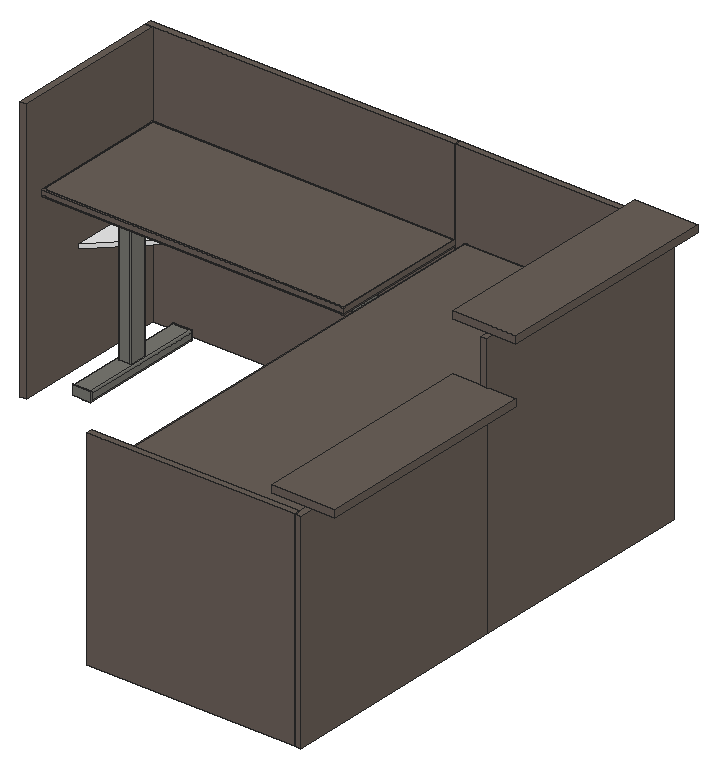
Revit family "OFS TYPICAL T200035", category Furniture, Revit 2022 (continued)
Definition of nested family "STAKS SPINE OR DIVIDER WALL 33in"
  Reference planes (in)
    plane 8: y = -1.95865
    plane 9: y = -2.70865
    plane 10: z = -0.125
    plane 11 "SURFACE TOP": z = 32.875
  Forms (in)
    Extrusion 1, solid
      sketch origin (0, 0, 17.125) x (-1, 0, 0) y (0, -1, 0)
        loop
          line (-7.55498, 1.83365) -> (-7.55498, 2.83365) -> (-31.55498, 2.83365) -> (-31.55498, 1.83365) -> (-7.55498, 1.83365)
      from 15.75 to -17.25
  Lines and regions (in)
    symbolic lines
      curve 1: line (7.55498, -1.83365, 32.875) -> (31.55498, -1.83365, 32.875)
      curve 2: line (7.55498, -2.83365, 32.875) -> (7.55498, -1.83365, 32.875)
      curve 3: line (31.55498, -2.83365, 32.875) -> (7.55498, -2.83365, 32.875)
      curve 4: line (31.55498, -1.83365, 32.875) -> (31.55498, -2.83365, 32.875)
  Dimensions and locks (in)
    "Depth": plane 4 "BACK" to plane 5 "FRONT"
    "Width": plane 2 "LEFT" to plane 3 "RIGHT"
    "Height": plane 11 "SURFACE TOP" to plane 10
    locked: plane 4 "BACK" to plane 8 at 0.125
    locked: plane 2 "LEFT" to plane 6 at 0.125
    locked: plane 7 to plane 3 "RIGHT" at 0.125
    locked: plane 9 to plane 5 "FRONT" at 0.125
    "Height Above Floor": plane 11 "SURFACE TOP" to level
    aligned: level to plane 1
    aligned and locked: plane 11 "SURFACE TOP" to Extrusion 1
    aligned and locked: Extrusion 1 to plane 10
    aligned and locked: plane 4 "BACK" to Extrusion 1 sketch curve
    aligned and locked: Extrusion 1 sketch curve to plane 2 "LEFT"
    aligned and locked: Extrusion 1 sketch curve to plane 5 "FRONT"
    aligned and locked: plane 3 "RIGHT" to Extrusion 1 sketch curve
    aligned and locked: curve 1 to Extrusion 1
    aligned and locked: curve 2 to Extrusion 1
    aligned and locked: curve 3 to Extrusion 1
    aligned and locked: curve 4 to Extrusion 1
Definition of nested family "STAKS SPINE OR DIVIDER WALL 42in"
  Parameters (values of type "STAKS SPINE OR DIVIDER WALL 42in X 24in")
    URL = "http://www.ofs.com/"
    Height Above Floor [instance] = 3' - 6"
    Height = 3' - 6"
    Depth = 0' - 1"
    Model = "6-PAN-42/24"
    Manufacturer = "OFS"
    Description = "OFS STAKS SPINE OR DIVIDER WALL 42\" Height x 24\" Width, Levelers allow 2.5\" Height Adjustability for Uneven Floor"
    Width = 2' - 0"
    Default Elevation = 0' - 0"
    Copyright © = "© 2018 OFS"
    Catalog = "https://ofs.com/products/casegoods/private-office/staks"
    Authoring Version = "Autodesk Revit Architecture 2013"
    Assembly Code = "E2020200"
  Types (19): name | Model | Description | Width
    STAKS SPINE OR DIVIDER WALL 42in X 24in | "6-PAN-42/24" | "OFS STAKS SPINE OR DIVIDER WALL 42\" Height x 24\" Width, Levelers allow 2.5\" Height Adjustability for Uneven Floor" | 2' - 0"
    STAKS SPINE OR DIVIDER WALL 42in X 33in | "6-PAN-42/33" | "OFS STAKS SPINE OR DIVIDER WALL 42\" Height x 33\" Width, Levelers allow 2.5\" Height Adjustability for Uneven Floor" | 2' - 9"
    STAKS SPINE OR DIVIDER WALL 42in X 26in | "6-PAN-42/26" | "OFS STAKS SPINE OR DIVIDER WALL 42\" Height x 26\" Width, Levelers allow 2.5\" Height Adjustability for Uneven Floor" | 2' - 2"
    STAKS SPINE OR DIVIDER WALL 42in X 30in | "6-PAN-42/30" | "OFS STAKS SPINE OR DIVIDER WALL 42\" Height x 30\" Width, Levelers allow 2.5\" Height Adjustability for Uneven Floor" | 2' - 6"
    STAKS SPINE OR DIVIDER WALL 42in X 36in | "6-PAN-42/36" | "OFS STAKS SPINE OR DIVIDER WALL 42\" Height x 36\" Width, Levelers allow 2.5\" Height Adjustability for Uneven Floor" | 3' - 0"
    STAKS SPINE OR DIVIDER WALL 42in X 37in | "6-PAN-42/37" | "OFS STAKS SPINE OR DIVIDER WALL 42\" Height x 37\" Width, Levelers allow 2.5\" Height Adjustability for Uneven Floor" | 3' - 1"
    STAKS SPINE OR DIVIDER WALL 42in X 39in | "6-PAN-42/39" | "OFS STAKS SPINE OR DIVIDER WALL 42\" Height x 39\" Width, Levelers allow 2.5\" Height Adjustability for Uneven Floor" | 3' - 3"
    STAKS SPINE OR DIVIDER WALL 42in X 40in | "6-PAN-42/40" | "OFS STAKS SPINE OR DIVIDER WALL 42\" Height x 40\" Width, Levelers allow 2.5\" Height Adjustability for Uneven Floor" | 3' - 4"
    STAKS SPINE OR DIVIDER WALL 42in X 42in | "6-PAN-42/42" | "OFS STAKS SPINE OR DIVIDER WALL 42\" Height x 42\" Width, Levelers allow 2.5\" Height Adjustability for Uneven Floor" | 3' - 6"
    STAKS SPINE OR DIVIDER WALL 42in X 44in | "6-PAN-42/44" | "OFS STAKS SPINE OR DIVIDER WALL 42\" Height x 44\" Width, Levelers allow 2.5\" Height Adjustability for Uneven Floor" | 3' - 8"
    STAKS SPINE OR DIVIDER WALL 42in X 45in | "6-PAN-42/45" | "OFS STAKS SPINE OR DIVIDER WALL 42\" Height x 45\" Width, Levelers allow 2.5\" Height Adjustability for Uneven Floor" | 3' - 9"
    STAKS SPINE OR DIVIDER WALL 42in X 47in | "6-PAN-42/47" | "OFS STAKS SPINE OR DIVIDER WALL 42\" Height x 47\" Width, Levelers allow 2.5\" Height Adjustability for Uneven Floor" | 3' - 11"
    STAKS SPINE OR DIVIDER WALL 42in X 48in | "6-PAN-42/48" | "OFS STAKS SPINE OR DIVIDER WALL 42\" Height x 48\" Width, Levelers allow 2.5\" Height Adjustability for Uneven Floor" | 4' - 0"
    STAKS SPINE OR DIVIDER WALL 42in X 49in | "6-PAN-42/49" | "OFS STAKS SPINE OR DIVIDER WALL 42\" Height x 49\" Width, Levelers allow 2.5\" Height Adjustability for Uneven Floor" | 4' - 1"
    STAKS SPINE OR DIVIDER WALL 42in X 52in | "6-PAN-42/52" | "OFS STAKS SPINE OR DIVIDER WALL 42\" Height x 52\" Width, Levelers allow 2.5\" Height Adjustability for Uneven Floor" | 4' - 4"
    STAKS SPINE OR DIVIDER WALL 42in X 54in | "6-PAN-42/54" | "OFS STAKS SPINE OR DIVIDER WALL 42\" Height x 54\" Width, Levelers allow 2.5\" Height Adjustability for Uneven Floor" | 4' - 6"
    STAKS SPINE OR DIVIDER WALL 42in X 56in | "6-PAN-42/56" | "OFS STAKS SPINE OR DIVIDER WALL 42\" Height x 56\" Width, Levelers allow 2.5\" Height Adjustability for Uneven Floor" | 4' - 8"
    STAKS SPINE OR DIVIDER WALL 42in X 58in | "6-PAN-42/58" | "OFS STAKS SPINE OR DIVIDER WALL 42\" Height x 58\" Width, Levelers allow 2.5\" Height Adjustability for Uneven Floor" | 4' - 10"
    STAKS SPINE OR DIVIDER WALL 42in X 59in | "6-PAN-42/59" | "OFS STAKS SPINE OR DIVIDER WALL 42\" Height x 59\" Width, Levelers allow 2.5\" Height Adjustability for Uneven Floor" | 4' - 11"
  Reference planes (in)
    plane 1: z = -0.125
    plane 2 "LEFT": x = 7.55498
    plane 3 "RIGHT": x = 31.55498
    plane 4 "BACK": y = -1.83365
    plane 5 "FRONT": y = -2.83365
    plane 6: x = 7.67998
    plane 7: x = 31.42998
    plane 8: y = -1.95865
    plane 9: y = -2.70865
    plane 10: z = -0.125
    plane 11 "SURFACE TOP": z = 41.875
  Forms (in)
    Extrusion 1, solid
      sketch origin (0, 0, 17.125) x (-1, 0, 0) y (0, -1, 0)
        loop
          line (-7.55498, 1.83365) -> (-7.55498, 2.83365) -> (-31.55498, 2.83365) -> (-31.55498, 1.83365) -> (-7.55498, 1.83365)
      from 24.75 to -17.25
  Lines and regions (in)
    symbolic lines
      curve 1: line (7.55498, -1.83365, 41.875) -> (31.55498, -1.83365, 41.875)
      curve 2: line (7.55498, -2.83365, 41.875) -> (7.55498, -1.83365, 41.875)
      curve 3: line (31.55498, -2.83365, 41.875) -> (7.55498, -2.83365, 41.875)
      curve 4: line (31.55498, -1.83365, 41.875) -> (31.55498, -2.83365, 41.875)
  Dimensions and locks (in)
    "Depth": plane 4 "BACK" to plane 5 "FRONT"
    "Width": plane 2 "LEFT" to plane 3 "RIGHT"
    "Height": plane 11 "SURFACE TOP" to plane 10
    locked: plane 4 "BACK" to plane 8 at 0.125
    locked: plane 2 "LEFT" to plane 6 at 0.125
    locked: plane 7 to plane 3 "RIGHT" at 0.125
    locked: plane 9 to plane 5 "FRONT" at 0.125
    "Height Above Floor": plane 11 "SURFACE TOP" to level
    aligned: level to plane 1
    aligned and locked: plane 11 "SURFACE TOP" to Extrusion 1
    aligned and locked: Extrusion 1 to plane 10
    aligned and locked: plane 4 "BACK" to Extrusion 1 sketch curve
    aligned and locked: Extrusion 1 sketch curve to plane 2 "LEFT"
    aligned and locked: Extrusion 1 sketch curve to plane 5 "FRONT"
    aligned and locked: plane 3 "RIGHT" to Extrusion 1 sketch curve
    aligned and locked: curve 1 to Extrusion 1
    aligned and locked: curve 2 to Extrusion 1
    aligned and locked: curve 3 to Extrusion 1
    aligned and locked: curve 4 to Extrusion 1
Definition of nested family "STAKS TRANSACTION SHELF"
  Parameters (values of type "STAKS TRANSACTION SHELF 30in")
    Width = 2' - 6"
    URL = "http://www.ofs.com/"
    Model = "6-TRS-30/10"
    Manufacturer = "OFS"
    Height From Floor = 4' - 0 5/8"
    Height = 0' - 1 1/8"
    Description = "OFS STAKS TRANSACTION SHELF 30\" Width, to Provide a Quick Transition to Reception Applications"
    Depth = 0' - 10"
    Default Elevation = 0' - 0"
    Copyright © = "© 2018 OFS"
    Catalog = "https://ofs.com/products/casegoods/private-office/staks"
    Shelf Material = none
    Authoring Version = "Autodesk Revit Architecture 2013"
    Assembly Code = "E2020200"
  Types (11): name | Width | Model | Description
    STAKS TRANSACTION SHELF 30in | 2' - 6" | "6-TRS-30/10" | "OFS STAKS TRANSACTION SHELF 30\" Width, to Provide a Quick Transition to Reception Applications"
    STAKS TRANSACTION SHELF 36in | 3' - 0" | "6-TRS-36/10" | "OFS STAKS TRANSACTION SHELF 36\" Width, to Provide a Quick Transition to Reception Applications"
    STAKS TRANSACTION SHELF 42in | 3' - 6" | "6-TRS-42/10" | "OFS STAKS TRANSACTION SHELF 42\" Width, to Provide a Quick Transition to Reception Applications"
    STAKS TRANSACTION SHELF 46in | 3' - 10" | "6-TRS-46/10" | "OFS STAKS TRANSACTION SHELF 46\" Width, to Provide a Quick Transition to Reception Applications"
    STAKS TRANSACTION SHELF 48in | 4' - 0" | "6-TRS-48/10" | "OFS STAKS TRANSACTION SHELF 48\" Width, to Provide a Quick Transition to Reception Applications"
    STAKS TRANSACTION SHELF 54in | 4' - 6" | "6-TRS-54/10" | "OFS STAKS TRANSACTION SHELF 54\" Width, to Provide a Quick Transition to Reception Applications"
    STAKS TRANSACTION SHELF 60in | 5' - 0" | "6-TRS-60/10" | "OFS STAKS TRANSACTION SHELF 60\" Width, to Provide a Quick Transition to Reception Applications"
    STAKS TRANSACTION SHELF 66in | 5' - 6" | "6-TRS-66/10" | "OFS STAKS TRANSACTION SHELF 66\" Width, to Provide a Quick Transition to Reception Applications"
    STAKS TRANSACTION SHELF 72in | 6' - 0" | "6-TRS-72/10" | "OFS STAKS TRANSACTION SHELF 72\" Width, to Provide a Quick Transition to Reception Applications"
    STAKS TRANSACTION SHELF 78in | 6' - 6" | "6-TRS-78/10" | "OFS STAKS TRANSACTION SHELF 78\" Width, to Provide a Quick Transition to Reception Applications"
    STAKS TRANSACTION SHELF 84in | 7' - 0" | "6-TRS-84/10" | "OFS STAKS TRANSACTION SHELF 84\" Width, to Provide a Quick Transition to Reception Applications"
  Reference planes (in)
    plane 1: z = 0
    plane 2 "Center (Front/Back)": y = -2.12465
    plane 3 "LEFT": x = -31.5
    plane 4 "BASE TOP": z = 48.625
    plane 5 "RIGHT": x = -1.5
    plane 6: z = 47.5
    plane 7: y = 2.87535
    plane 8 "CENTER": x = -16.5
    plane 9: y = -7.12465
  Forms (in)
    Extrusion 1, solid, material <- "Shelf Material"
      sketch origin (0, -2.12465, 0) x (1, 0, 0) y (0, 0, 1)
        loop
          line (-31.5, 48.625) -> (-31.5, 47.5) -> (-1.5, 47.5) -> (-1.5, 48.625) -> (-31.5, 48.625)
      from -5 to 5
  Dimensions and locks (in)
    "Height From Floor": plane 4 "BASE TOP" to plane 1
    "Height": plane 4 "BASE TOP" to plane 6
    equal spacing: plane 3 "LEFT", plane 8 "CENTER", plane 5 "RIGHT"
    equal spacing: plane 9, plane 2 "Center (Front/Back)", plane 7
    "Width": plane 3 "LEFT" to plane 5 "RIGHT"
    "Depth": plane 9 to plane 7
    aligned and locked: level to plane 1
    aligned and locked: Extrusion 1 sketch curve to plane 4 "BASE TOP"
    aligned and locked: plane 3 "LEFT" to Extrusion 1 sketch curve
    aligned and locked: Extrusion 1 sketch curve to plane 6
    aligned and locked: Extrusion 1 sketch curve to plane 5 "RIGHT"
    aligned and locked: Extrusion 1 to plane 7
    aligned and locked: plane 9 to Extrusion 1
Definition of nested family "STAKS CENTER ELECTRIC ADJUSTABLE HEIGHT BASE Rectangular"
  Parameters (values of type "STAKS CENTER ELECTRIC ADJUSTABLE HEIGHT BASE 24in Rectangular")
    Width = 0' - 3"
    URL = "http://www.ofs.com/"
    Leg Caps Material = none
    Depth = 1' - 8"
    Model = "HA24CRE"
    Manufacturer = "OFS"
    Height [instance] = 2' - 3 7/8"
    Description = "OFS STAKS CENTER ELECTRIC ADJUSTABLE HEIGHT BASE 24in Rectangular, Use with 20\" - 24\"D Rectangular Top"
    Default Elevation = 0' - 0"
    Copyright © = "© 2018 OFS"
    Column and Legs Material = none
    Catalog = "https://ofs.com/products/casegoods/private-office/staks"
    Authoring Version = "Autodesk Revit Architecture 2013"
    Assembly Code = "E2020200"
  Types (2): name | Depth | Model | Description
    STAKS CENTER ELECTRIC ADJUSTABLE HEIGHT BASE 24in Rectangular | 1' - 8" | "HA24CRE" | "OFS STAKS CENTER ELECTRIC ADJUSTABLE HEIGHT BASE 24in Rectangular, Use with 20\" - 24\"D Rectangular Top"
    STAKS CENTER ELECTRIC ADJUSTABLE HEIGHT BASE 30in Rectangular | 2' - 2" | "HA30CRE" | "OFS STAKS CENTER ELECTRIC ADJUSTABLE HEIGHT BASE 30in Rectangular, Use with 24.125\" - 30\"D Rectangular Top"
  Reference planes (in)
    plane 1: z = 0
    plane 2 "Center (Front/Back)": y = -2.62465
    plane 3 "Center (Left/Right)": x = -18
    plane 4 "H LEG TOP": z = 27.875
    plane 5: x = -15
    plane 6: x = -13.5
    plane 7: y = -12.62465
    plane 8: y = 7.37535
    plane 9 "CENTER": x = -16.5
    plane 10: z = 1.955
    plane 11: z = 0.455
    plane 12: x = -17.5
    plane 13: x = -15.5
    plane 14: y = 6.12535
    plane 15: y = -11.37465
    plane 16: y = -1.12465
    plane 17: y = -4.12465
    plane 18: z = 25.34078
    plane 19: z = 25.875
    plane 20: z = 26.875
    plane 21: y = -4.49965
    plane 22: y = -0.74965
    plane 23: y = -5.99965
    plane 24: y = 0.75035
    plane 25: x = -17.63484
    plane 26: x = -19.13484
    plane 27: y = -12.49965
    plane 28: y = 7.25035
  Forms (in)
    Extrusion 1, solid
      sketch origin (8.306, -1.24965, 17.75) x (0, 0, 1) y (-1, 0, 0)
        loop
          line (-15.795, 26.306) -> (-17.295, 26.306) -> (-17.295, 23.306) -> (-15.795, 23.306) -> (-15.795, 26.306)
      from -8.625 to -8.5
    Revolve 2, solid, material <- "Leg Caps Material"
      sketch origin (-10.53974, 6.12535, 0) x (-1, 0, 0) y (0, 0, 1)
        loop
          line (5.96026, 0.455) -> (5.96026, 0) -> (6.64775, 0) -> (6.64775, 0.19198) -> (6.24151, 0.36125) -> (6.24151, 0.455) -> (5.96026, 0.455)
        axis (5.96026, 0) -> (5.96026, 0.455)
      angle from 0 to 360
    Revolve 3, solid, material <- "Leg Caps Material"
      sketch origin (-10.53974, -11.37465, 0) x (-1, 0, 0) y (0, 0, -1)
        loop
          line (5.96026, -0.455) -> (6.24151, -0.455) -> (6.24151, -0.36125) -> (6.64775, -0.19198) -> (6.64775, 0) -> (5.96026, 0) -> (5.96026, -0.455)
        axis (5.96026, 0) -> (5.96026, -0.455)
      angle from 0 to 360
    Extrusion 4, solid, material <- "Column and Legs Material"
      sketch origin (0, 0, 27.875) x (0, -1, 0) y (1, 0, 0)
        loop
          arc (1.12465, -17.25) -> (1.19787, -17.42678) -> (1.37465, -17.5) r 0.25
          line (1.37465, -17.5) -> (3.87465, -17.5)
          arc (3.87465, -17.5) -> (4.05143, -17.42678) -> (4.12465, -17.25) r 0.25
          line (4.12465, -17.25) -> (4.12465, -15.75)
          arc (4.12465, -15.75) -> (4.05143, -15.57322) -> (3.87465, -15.5) r 0.25
          line (3.87465, -15.5) -> (1.37465, -15.5)
          arc (1.37465, -15.5) -> (1.19787, -15.57322) -> (1.12465, -15.75) r 0.25
          line (1.12465, -15.75) -> (1.12465, -17.25)
      from -25.92 to -2.53422
    Extrusion 5, solid, material <- "Column and Legs Material"
      sketch origin (19.74279, 0.10259, 27.875) x (0, -1, 0) y (1, 0, 0)
        loop
          line (0.85224, -30.69457) -> (0.85224, -37.12762)
          arc (0.85224, -37.12762) -> (0.92547, -37.3044) -> (1.10224, -37.37762) r 0.25
          line (1.10224, -37.37762) -> (4.35224, -37.37762)
          arc (4.35224, -37.37762) -> (4.52902, -37.3044) -> (4.60224, -37.12762) r 0.25
          line (4.60224, -37.12762) -> (4.60224, -30.69457)
          arc (4.60224, -30.69457) -> (4.52902, -30.5178) -> (4.35224, -30.44457) r 0.25
          line (4.35224, -30.44457) -> (1.10224, -30.44457)
          arc (1.10224, -30.44457) -> (0.92547, -30.5178) -> (0.85224, -30.69457) r 0.25
      from -1 to 0
    Blend 6, solid, material <- "Column and Legs Material"
      base sketch origin (0, 0, 27.875) x (0, -1, 0) y (1, 0, 0)
        loop
          line (4.24965, -10.70179) -> (0.99965, -10.70179)
          arc (0.99965, -10.70179) -> (0.82287, -10.77501) -> (0.74965, -10.95179) r 0.25
          line (0.74965, -10.95179) -> (0.74965, -17.38484)
          arc (0.74965, -17.38484) -> (0.82287, -17.56161) -> (0.99965, -17.63484) r 0.25
          line (0.99965, -17.63484) -> (4.24965, -17.63484)
          arc (4.24965, -17.63484) -> (4.42643, -17.56161) -> (4.49965, -17.38484) r 0.25
          line (4.49965, -17.38484) -> (4.49965, -10.95179)
          arc (4.49965, -10.95179) -> (4.42643, -10.77501) -> (4.24965, -10.70179) r 0.25
      top sketch origin (0, 0, 27.875) x (0, -1, 0) y (1, 0, 0)
        loop
          arc (4.12465, -11.45179) -> (4.05143, -11.27501) -> (3.87465, -11.20179) r 0.25
          line (3.87465, -11.20179) -> (1.37465, -11.20179)
          arc (1.37465, -11.20179) -> (1.19787, -11.27501) -> (1.12465, -11.45179) r 0.25
          line (1.12465, -11.45179) -> (1.12465, -17.25)
          arc (1.12465, -17.25) -> (1.19787, -17.42678) -> (1.37465, -17.5) r 0.25
          line (1.37465, -17.5) -> (3.87465, -17.5)
          arc (3.87465, -17.5) -> (4.05143, -17.42678) -> (4.12465, -17.25) r 0.25
          line (4.12465, -17.25) -> (4.12465, -11.45179)
      from -1 to -2
    Extrusion 7, solid, material <- "Column and Legs Material"
      sketch origin (0, 0, 27.875) x (0, -1, 0) y (1, 0, 0)
        loop
          line (3.87465, -15.625) -> (1.37465, -15.625)
          arc (1.37465, -15.625) -> (1.28626, -15.66161) -> (1.24965, -15.75) r 0.125
          line (1.24965, -15.75) -> (1.24965, -17.25)
          arc (1.24965, -17.25) -> (1.28626, -17.33839) -> (1.37465, -17.375) r 0.125
          line (1.37465, -17.375) -> (3.87465, -17.375)
          arc (3.87465, -17.375) -> (3.96304, -17.33839) -> (3.99965, -17.25) r 0.125
          line (3.99965, -17.25) -> (3.99965, -15.75)
          arc (3.99965, -15.75) -> (3.96304, -15.66161) -> (3.87465, -15.625) r 0.125
      from -2.53422 to -2
    Extrusion 8, solid, material <- "Column and Legs Material"
      sketch origin (0, -2.62465, 0) x (1, 0, 0) y (0, 0, 1)
        loop
          line (-17.63484, 27.875) -> (-19.13484, 27.875) -> (-19.13484, 27.75) -> (-17.75984, 27.75) -> (-17.75984, 26.375) -> (-17.63484, 26.375) -> (-17.63484, 27.875)
      from -1.5 to 1.5
    Extrusion 9, solid, material <- "Column and Legs Material"
      sketch origin (-15.75984, 13.13518, 0) x (0, 1, 0) y (0, 0, -1)
        loop
          line (-17.63484, -27.875) -> (-17.63484, -26.375) -> (-17.75984, -26.375) -> (-17.75984, -27.75) -> (-19.13484, -27.75) -> (-19.13484, -27.875) -> (-17.63484, -27.875)
      from -4.55805 to 1.74016
    Extrusion 10, solid, material <- "Column and Legs Material"
      sketch origin (-15.75984, -18.38449, 0) x (0, -1, 0) y (0, 0, 1)
        loop
          line (-17.63484, 27.875) -> (-19.13484, 27.875) -> (-19.13484, 27.75) -> (-17.75984, 27.75) -> (-17.75984, 26.375) -> (-17.63484, 26.375) -> (-17.63484, 27.875)
      from -4.55805 to 1.74016
    Extrusion 11, solid
      sketch origin (8.306, -1.24965, 17.75) x (0, 0, 1) y (-1, 0, 0)
        loop
          line (-15.795, 26.306) -> (-17.295, 26.306) -> (-17.295, 23.306) -> (-15.795, 23.306) -> (-15.795, 26.306)
      from 11.25 to 11.375
    Extrusion 12, solid
      sketch origin (8.306, -1.24965, 17.75) x (0, 0, 1) y (-1, 0, 0)
        loop
          line (-16.045, 26.306) -> (-17.045, 26.306)
          arc (-17.045, 26.306) -> (-17.22178, 26.23278) -> (-17.295, 26.056) r 0.25
          line (-17.295, 26.056) -> (-17.295, 23.556)
          arc (-17.295, 23.556) -> (-17.22178, 23.37922) -> (-17.045, 23.306) r 0.25
          line (-17.045, 23.306) -> (-16.045, 23.306)
          arc (-16.045, 23.306) -> (-15.86822, 23.37922) -> (-15.795, 23.556) r 0.25
          line (-15.795, 23.556) -> (-15.795, 26.056)
          arc (-15.795, 26.056) -> (-15.86822, 26.23278) -> (-16.045, 26.306) r 0.25
      from -8.5 to 11.25
  Dimensions and locks (in)
    equal spacing: plane 7, plane 2 "Center (Front/Back)", plane 8
    "Depth": plane 7 to plane 8
    "Height": plane 4 "H LEG TOP" to plane 1
    equal spacing: plane 3 "Center (Left/Right)", plane 9 "CENTER", plane 5
    "Width": plane 3 "Center (Left/Right)" to plane 5
    plane 10 to plane 11 to plane 1 = 0' - 1 1/2" locked, 0' - 0.455" locked
    locked: plane 13 to plane 5 at 0.5
    locked: plane 3 "Center (Left/Right)" to plane 12 at 0.5
    locked: plane 14 to plane 8 at 1.25
    locked: plane 15 to plane 7 at 1.25
    plane 23 to plane 21 to plane 17 to plane 2 "Center (Front/Back)" to plane 16 to plane 22 to plane 24 = 0' - 1 1/2" locked, 0' - 0 3/8" locked, 0' - 1 1/2" locked, 0' - 1 1/2" locked, 0' - 0 3/8" locked, 0' - 1 1/2" locked
    locked: plane 18 to plane 10 at 23.38578
    locked: plane 4 "H LEG TOP" to plane 20 at 1
    locked: plane 20 to plane 19 at 1
    plane 26 to plane 25 to plane 12 = 0' - 1 1/2" locked, 0' - 0.13484" locked
    locked: plane 7 to plane 27 at 0.125
    locked: plane 8 to plane 28 at 0.125
    aligned and locked: level to plane 1
    aligned and locked: plane 5 to Extrusion 1
    aligned and locked: Extrusion 1 to plane 3 "Center (Left/Right)"
    aligned and locked: Extrusion 1 to plane 11
    aligned and locked: plane 10 to Extrusion 1
    aligned and locked: Extrusion 4 sketch curve to plane 16
    aligned and locked: Extrusion 4 sketch curve to plane 12
    aligned and locked: Extrusion 4 sketch curve to plane 17
    aligned and locked: plane 13 to Extrusion 4 sketch curve
    aligned and locked: Extrusion 4 to plane 10
    aligned and locked: plane 18 to Extrusion 4
    aligned and locked: plane 14 to Revolve 2
    aligned and locked: plane 15 to Revolve 3
    aligned and locked: Extrusion 5 to plane 22
    aligned and locked: Extrusion 5 to plane 21
    aligned and locked: Extrusion 5 to plane 20
    aligned and locked: Extrusion 5 to plane 4 "H LEG TOP"
    aligned and locked: plane 17 to Blend 6 sketch curve
    aligned and locked: plane 16 to Blend 6 sketch curve
    aligned and locked: plane 20 to Blend 6
    aligned and locked: Blend 6 to plane 19
    aligned and locked: Extrusion 7 to plane 18
    aligned and locked: plane 19 to Extrusion 7
    aligned and locked: Extrusion 8 sketch curve to plane 4 "H LEG TOP"
    aligned and locked: Extrusion 8 sketch curve to plane 25
    aligned and locked: Extrusion 8 sketch curve to plane 26
    aligned and locked: Extrusion 8 sketch curve to Extrusion 8 sketch curve
    aligned and locked: Extrusion 8 to plane 16
    aligned and locked: Extrusion 8 to plane 17
    aligned and locked: Extrusion 9 sketch curve to Extrusion 9 sketch curve
    aligned and locked: Extrusion 9 to plane 12
    aligned and locked: Extrusion 10 sketch curve to Extrusion 10 sketch curve
    aligned and locked: plane 10 to Extrusion 12
    aligned and locked: plane 10 to Extrusion 11
    aligned and locked: plane 5 to Extrusion 12
    aligned and locked: plane 5 to Extrusion 11
    aligned and locked: Extrusion 12 to plane 11
    aligned and locked: Extrusion 11 to plane 11
    aligned and locked: Extrusion 12 to plane 3 "Center (Left/Right)"
    aligned and locked: Extrusion 11 to plane 3 "Center (Left/Right)"
    aligned and locked: plane 7 to Extrusion 11
    aligned and locked: Extrusion 11 to plane 27
    aligned and locked: plane 27 to Extrusion 12
    aligned and locked: Extrusion 1 to plane 28
    aligned and locked: Extrusion 1 to plane 8
    aligned and locked: plane 28 to Extrusion 12
  Automatic sketch dimensions
    Extrusion 1 sketch curve to plane 3 "Center (Left/Right)" = 0' - 0"
    Extrusion 1 sketch curve to plane 11 = 0' - 0"
    Extrusion 1 sketch curve to plane 5 = 0' - 0"
    Extrusion 1 sketch curve to plane 10 = 0' - 0"
    Revolve 2 sketch curve to level = 0' - 0"
    Revolve 2 sketch curve to plane 9 "CENTER" = 0' - 0"  (x2)
    Revolve 2 sketch curve to plane 11 = 0' - 0"
    level to Revolve 2 sketch curve = 0' - 0.19198"
    Revolve 2 sketch curve to Revolve 2 sketch curve = 0' - 0 9/32"
    plane 12 to Revolve 2 sketch curve = 0' - 0 5/16"
    Revolve 2 sketch curve to Revolve 2 sketch curve = 0' - 0 3/32"
    Revolve 2 sketch curve to Revolve 2 sketch curve = 0' - 0.19198"
    Revolve 2 sketch curve to Revolve 2 sketch curve = 0' - 0.09555"
    Revolve 3 sketch curve to level = 0' - 0"
    Revolve 3 sketch curve to plane 9 "CENTER" = 0' - 0"  (x2)
    Revolve 3 sketch curve to plane 11 = 0' - 0"
    Revolve 3 sketch curve to plane 11 = 0' - 0 3/32"
    Revolve 3 sketch curve to Revolve 3 sketch curve = 0' - 0 9/32"
    plane 12 to Revolve 3 sketch curve = 0' - 0 5/16"
    Revolve 3 sketch curve to Revolve 3 sketch curve = 0' - 0.19198"
    Revolve 3 sketch curve to plane 11 = 0' - 0.16748"
    Revolve 3 sketch curve to Revolve 3 sketch curve = 0' - 0.09555"
    plane 16 to Extrusion 4 sketch curve = 0' - 0 1/4"  (x2)
    plane 12 to Extrusion 4 sketch curve = 0' - 0 1/4"
    plane 17 to Extrusion 4 sketch curve = 0' - 0 1/4"
    plane 22 to Extrusion 5 sketch curve = 0' - 0"
    Extrusion 5 sketch curve to plane 25 = 0' - 0"
    Extrusion 5 sketch curve to plane 21 = 0' - 0"
    plane 12 to Extrusion 5 sketch curve = 0' - 0.11516"
    Extrusion 5 sketch curve to plane 16 = 0' - 0 1/8"  (x2)
    Extrusion 5 sketch curve to plane 17 = 0' - 0 1/8"
    plane 6 to Extrusion 5 sketch curve = 0' - 2.54821"
    plane 22 to Blend 6 sketch curve = 0' - 0"
    Blend 6 sketch curve to plane 25 = 0' - 0"
    Blend 6 sketch curve to plane 21 = 0' - 0"
    plane 12 to Blend 6 sketch curve = 0' - 0.11516"
    Blend 6 sketch curve to plane 16 = 0' - 0 1/8"  (x2)
    Blend 6 sketch curve to plane 17 = 0' - 0 1/8"
    plane 6 to Blend 6 sketch curve = 0' - 2.54821"
    Blend 6 sketch curve to plane 12 = 0' - 0"
    plane 16 to Blend 6 sketch curve = 0' - 0 1/4"  (x2)
    plane 12 to Blend 6 sketch curve = 0' - 0 1/4"
    plane 17 to Blend 6 sketch curve = 0' - 0 1/4"
    plane 6 to Blend 6 sketch curve = 0' - 2.04821"
    plane 16 to Extrusion 7 sketch curve = 0' - 0 1/8"
    plane 12 to Extrusion 7 sketch curve = 0' - 0 1/8"
    Extrusion 7 sketch curve to Extrusion 7 sketch curve = 0' - 0 1/8"  (x2)
    Extrusion 7 sketch curve to plane 13 = 0' - 0 1/8"
    plane 17 to Extrusion 7 sketch curve = 0' - 0 1/4"  (x2)
    plane 17 to Extrusion 7 sketch curve = 0' - 0 1/8"
    Extrusion 8 sketch curve to plane 25 = 0' - 0 1/8"
    plane 19 to Extrusion 8 sketch curve = 0' - 0 1/2"
    plane 4 "H LEG TOP" to Extrusion 8 sketch curve = 0' - 0 1/8"
    plane 4 "H LEG TOP" to Extrusion 9 sketch curve = 0' - 0"
    Extrusion 9 sketch curve to plane 23 = 0' - 0"
    Extrusion 9 sketch curve to plane 21 = 0' - 0"
    plane 4 "H LEG TOP" to Extrusion 9 sketch curve = 0' - 0 1/8"
    Extrusion 9 sketch curve to plane 21 = 0' - 0 1/8"
    plane 19 to Extrusion 9 sketch curve = 0' - 0 1/2"
    plane 4 "H LEG TOP" to Extrusion 10 sketch curve = 0' - 0"
    Extrusion 10 sketch curve to plane 24 = 0' - 0"
    Extrusion 10 sketch curve to plane 22 = 0' - 0"
    plane 19 to Extrusion 10 sketch curve = 0' - 0 1/2"
    Extrusion 10 sketch curve to plane 22 = 0' - 0 1/8"
    plane 4 "H LEG TOP" to Extrusion 10 sketch curve = 0' - 0 1/8"
    Extrusion 11 sketch curve to plane 3 "Center (Left/Right)" = 0' - 0"
    Extrusion 11 sketch curve to plane 11 = 0' - 0"
    Extrusion 11 sketch curve to plane 5 = 0' - 0"
    Extrusion 11 sketch curve to plane 10 = 0' - 0"
    Extrusion 12 sketch curve to plane 11 = 0' - 0"
    Extrusion 12 sketch curve to plane 3 "Center (Left/Right)" = 0' - 0"
    Extrusion 12 sketch curve to plane 5 = 0' - 0"
    Extrusion 12 sketch curve to plane 10 = 0' - 0"
    Extrusion 12 sketch curve to plane 5 = 0' - 0 1/4"
    plane 11 to Extrusion 12 sketch curve = 0' - 0 1/4"
    Extrusion 12 sketch curve to plane 10 = 0' - 0 1/4"  (x2)
Definition of nested family "STAKS BENCHING CANTILEVER WORKSURFACE BRACKET - OPEN"
  Parameters (values of type "STAKS CANTILEVER WORKSURFACE BRACKET - OPEN 36in")
    Width = 0' - 1 1/2"
    URL = "http://www.ofs.com/"
    Model = "OWSBKT36"
    Manufacturer = "OFS"
    Height From Floor = 2' - 3 7/8"
    Height = 0' - 7"
    Description = "OFS STAKS BENCHING CANTILEVER WORKSURFACE BRACKET - Open Cantilever Worksurface Bracket for 36\"W Top"
    Depth = 2' - 4"
    Default Elevation = 0' - 0"
    Copyright © = "© 2018 OFS"
    Catalog = "https://ofs.com/products/open-plan/benching/staks"
    Bracket Material = none
    Authoring Version = "Autodesk Revit Architecture 2013"
    Assembly Code = "E2020200"
    Alpha = 0' - 1"
  Types (4): name | URL | Model | Manufacturer | Description | Depth | Copyright © | Catalog | Alpha
    CANTILEVER WORKSURFACE BRACKET - OPEN 14in | "http://www.ofsbrands.com/" | "OWSBKT14" | "FIRST OFFICE" | "OFS BRANDS FIRST OFFICE STAKS BENCHING CANTILEVER WORKSURFACE BRACKET - Open Cantilever Worksurface Bracket for 14\"W Top" | 0' - 11" | "© 2018 OFS BRANDS" | "http://www.firstoffice.com/products/crossover/staks_benching/" | 0' - 0 1/2"
    CANTILEVER WORKSURFACE BRACKET - OPEN 22in | "http://www.ofsbrands.com/" | "OWSBKT22" | "FIRST OFFICE" | "OFS BRANDS FIRST OFFICE STAKS BENCHING CANTILEVER WORKSURFACE BRACKET - Open Cantilever Worksurface Bracket for 22\"W Top" | 1' - 4" | "© 2018 OFS BRANDS" | "http://www.firstoffice.com/products/crossover/staks_benching/" | 0' - 0 5/8"
    CANTILEVER WORKSURFACE BRACKET - OPEN 30in | "http://www.ofsbrands.com/" | "OWSBKT30" | "FIRST OFFICE" | "OFS BRANDS FIRST OFFICE STAKS BENCHING CANTILEVER WORKSURFACE BRACKET - Open Cantilever Worksurface Bracket for 30\"W Top" | 1' - 10" | "© 2018 OFS BRANDS" | "http://www.firstoffice.com/products/crossover/staks_benching/" | 0' - 0 7/8"
    STAKS CANTILEVER WORKSURFACE BRACKET - OPEN 36in | "http://www.ofs.com/" | "OWSBKT36" | "OFS" | "OFS STAKS BENCHING CANTILEVER WORKSURFACE BRACKET - Open Cantilever Worksurface Bracket for 36\"W Top" | 2' - 4" | "© 2018 OFS" | "https://ofs.com/products/open-plan/benching/staks" | 0' - 1"
  Reference planes (in)
    plane 1: z = 0
    plane 2 "Center (Front/Back)": y = -11.12465
    plane 3 "LEFT": x = -17.25
    plane 4 "BASE TOP": z = 27.875
    plane 5 "RIGHT": x = -15.75
    plane 6: z = 20.875
    plane 7: y = 2.87535
    plane 8 "CENTER": x = -16.5
    plane 9: y = -25.12465
    plane 10: z = 25.875
    plane 11: y = 0.87535
    plane 12: z = 21.375
    plane 13: y = -24.62465
    plane 14: x = -16.375
    plane 15: x = -16.625
    plane 16: y = -23.62465
  Forms (in)
    Extrusion 1, solid, material <- "Bracket Material"
      sketch origin (-16.5, 0, 0) x (0, 1, 0) y (0, 0, 1)
        loop
          line (-25.12465, 27.875) -> (-25.12465, 27.82031) -> (0.8527, 27.82031) -> (2.82066, 25.85235) -> (2.82066, 20.875) -> (2.87535, 20.875) -> (2.87535, 25.875) -> (0.87535, 27.875) -> (-25.12465, 27.875)
      from -0.75 to 0.75
    Extrusion 2, solid
      sketch origin (-16.5, 0, 0) x (0, 1, 0) y (0, 0, 1)
        loop
          line (2.82066, 21.375) -> (2.82066, 21.66876) -> (-23.62465, 27.82031) -> (-24.62465, 27.82031) -> (2.82066, 21.375)
      from -0.125 to 0.125
    Extrusion 3, void
      sketch origin (0, -11.12465, 0) x (1, 0, 0) y (0, 0, 1)
        loop
          circle (-16.99183, 23.37543) r 0.09375
        loop
          circle (-16.99183, 25.56923) r 0.09375
        loop
          circle (-16.99183, 21.18077) r 0.09375
        loop
          line (-16.10192, 24.58008) -> (-16.10192, 24.41381)
          arc (-16.10192, 24.41381) -> (-16.00817, 24.32006) -> (-15.91442, 24.41381) r 0.09375
          line (-15.91442, 24.41381) -> (-15.91442, 24.58008)
          arc (-15.91442, 24.58008) -> (-16.00817, 24.67383) -> (-16.10192, 24.58008) r 0.09375
        loop
          arc (-16.10192, 22.16992) -> (-16.00817, 22.07617) -> (-15.91442, 22.16992) r 0.09375
          line (-15.91442, 22.16992) -> (-15.91442, 22.33619)
          arc (-15.91442, 22.33619) -> (-16.00817, 22.42994) -> (-16.10192, 22.33619) r 0.09375
          line (-16.10192, 22.33619) -> (-16.10192, 22.16992)
      from -14 to -3.47735
    Extrusion 4, void
      sketch origin (0, 0, 0) x (1, 0, 0) y (0, 1, 0)
        loop
          circle (-16.93617, 0.25038) r 0.09375
        loop
          circle (-16.06383, -1.74962) r 0.09375
        loop
          circle (-16.93617, -3.74962) r 0.09375
        loop
          circle (-16.06383, -5.74962) r 0.09375
        loop
          circle (-16.93617, -7.74962) r 0.09375
        loop
          circle (-16.06383, -9.74962) r 0.09375
        loop
          circle (-16.93617, -11.74962) r 0.09375
        loop
          circle (-16.06383, -13.74962) r 0.09375
        loop
          circle (-16.93617, -15.74962) r 0.09375
        loop
          circle (-16.06383, -17.74962) r 0.09375
        loop
          circle (-16.93617, -19.74962) r 0.09375
        loop
          circle (-16.06383, -21.74962) r 0.09375
        loop
          circle (-16.93617, -23.74962) r 0.09375
        loop
          circle (-16.06383, -25.74962) r 0.09375
        loop
          circle (-16.93617, -27.74962) r 0.09375
        loop
          circle (-16.06383, -29.74962) r 0.09375
      from 25.0365 to 29.23009
    Extrusion 5, void, not visible
      sketch origin (0, 0, 0) x (1, 0, 0) y (0, 1, 0)
        loop
          circle (-16.93617, 0.25038) r 0.09375
        loop
          circle (-16.06383, -1.74962) r 0.09375
        loop
          circle (-16.93617, -3.74962) r 0.09375
        loop
          circle (-16.06383, -5.74962) r 0.09375
        loop
          circle (-16.93617, -7.74962) r 0.09375
        loop
          circle (-16.06383, -9.74962) r 0.09375
        loop
          circle (-16.93617, -11.74962) r 0.09375
        loop
          circle (-16.06383, -13.74962) r 0.09375
        loop
          circle (-16.93617, -15.74962) r 0.09375
        loop
          circle (-16.06383, -17.74962) r 0.09375
        loop
          circle (-16.93617, -19.74962) r 0.09375
        loop
          circle (-16.06383, -21.74962) r 0.09375
        loop
          circle (-16.93617, -23.74962) r 0.09375
        loop
          circle (-16.06383, -25.74962) r 0.09375
        loop
          circle (-16.93617, -27.74962) r 0.09375
        loop
          circle (-16.06383, -29.74962) r 0.09375
      from 25.0365 to 29.23009
  Cuts and joins
    Extrusion 3, Extrusion 4 cuts Extrusion 1
  Dimensions and locks (in)
    "Height From Floor": plane 4 "BASE TOP" to plane 1
    "Height": plane 4 "BASE TOP" to plane 6
    equal spacing: plane 3 "LEFT", plane 8 "CENTER", plane 5 "RIGHT"
    equal spacing: plane 9, plane 2 "Center (Front/Back)", plane 7
    "Width": plane 3 "LEFT" to plane 5 "RIGHT"
    "Depth": plane 9 to plane 7
    locked: plane 4 "BASE TOP" to plane 10 at 2
    locked: plane 7 to plane 11 at 2
    locked: plane 13 to plane 9 at 0.5
    locked: plane 6 to plane 12 at 0.5
    plane 14 to plane 8 "CENTER" to plane 15 = 0' - 0 1/8" locked, 0' - 0 1/8" locked
    "Alpha": plane 16 to plane 13
    aligned and locked: level to plane 1
    aligned and locked: Extrusion 1 sketch curve to plane 4 "BASE TOP"
    aligned and locked: plane 7 to Extrusion 1 sketch curve
    aligned and locked: plane 9 to Extrusion 1 sketch curve
    aligned and locked: plane 6 to Extrusion 1 sketch curve
    aligned and locked: Extrusion 1 to plane 3 "LEFT"
    aligned and locked: plane 5 "RIGHT" to Extrusion 1
    aligned and locked: Extrusion 2 sketch curve to Extrusion 1
    aligned and locked: plane 15 to Extrusion 2
    aligned and locked: plane 14 to Extrusion 2
    aligned and locked: Extrusion 1 to Extrusion 2 sketch curve
    aligned and locked: Extrusion 3 to plane 7
  Automatic sketch dimensions
    plane 7 to Extrusion 1 sketch curve = 0' - 0 7/128"
    Extrusion 1 sketch curve to plane 11 = 0' - 0"
    plane 10 to Extrusion 1 sketch curve = 0' - 0"
    plane 11 to Extrusion 1 sketch curve = 0' - 0.02265"
    plane 10 to Extrusion 1 sketch curve = 0' - 0.02265"
    plane 4 "BASE TOP" to Extrusion 1 sketch curve = 0' - 0 7/128"
    Extrusion 2 sketch curve to plane 13 = 0' - 0"
    plane 12 to Extrusion 2 sketch curve = 0' - 0"
    Extrusion 2 sketch curve to plane 16 = 0' - 0"
    Extrusion 2 sketch curve to Extrusion 2 sketch curve = 0' - 0.29376"
    plane 14 to Extrusion 3 sketch curve = 0' - 0.27308"
    Extrusion 3 sketch curve to plane 5 "RIGHT" = 0' - 0.16442"  (x2)
    Extrusion 3 sketch curve to plane 12 = 0' - 0.79492"
    Extrusion 3 sketch curve to Extrusion 3 sketch curve = 0' - 0 3/16"
    plane 3 "LEFT" to Extrusion 3 sketch curve = 0' - 0.25817"  (x3)
    Extrusion 3 sketch curve to Extrusion 3 sketch curve = 0' - 0.16626"  (x2)
    plane 10 to Extrusion 3 sketch curve = 0' - 1.46119"
    plane 12 to Extrusion 3 sketch curve = 0' - 0.19423"
    Extrusion 3 sketch curve to Extrusion 3 sketch curve = 0' - 1.03838"
    plane 10 to Extrusion 3 sketch curve = 0' - 0.30577"
    Extrusion 4 sketch curve to Extrusion 4 sketch curve = 0' - 2"  (x15)
    Extrusion 4 sketch curve to Extrusion 4 sketch curve = 0' - 0"  (x7)
    Extrusion 4 sketch curve to Extrusion 4 sketch curve = 0' - 0.87233"  (x8)
    Extrusion 5 sketch curve to Extrusion 5 sketch curve = 0' - 2"  (x15)
    Extrusion 5 sketch curve to Extrusion 5 sketch curve = 0' - 0"  (x7)
    Extrusion 5 sketch curve to Extrusion 5 sketch curve = 0' - 0.87233"  (x8)
    radius of Extrusion 3 sketch curve = 0' - 0 3/32"  (x3)
    radius of Extrusion 4 sketch curve = 0' - 0 3/32"  (x16)
    radius of Extrusion 5 sketch curve = 0' - 0 3/32"  (x16)
Definition of nested family "STAKS BENCHING PRESS FIT BRACKET"
  Parameters (values of type "STAKS BENCHING PRESS FIT BRACKET")
    Width = 0' - 7 1/8"
    URL = "http://www.ofs.com/"
    Model = "PFBKT-1"
    Manufacturer = "OFS"
    Height From Floor = 2' - 3 7/8"
    Height = 0' - 3"
    Gap = 0' - 1"
    Description = "OFS STAKS BENCHING PRESS FIT BRACKET, Supports Shared Organizers, Shared Shelves or Transaction Tops on Spine or Divider Wall Panels Without Defacing the Panel Faces"
    Depth = 0' - 2"
    Default Elevation = 0' - 0"
    Copyright © = "© 2018 OFS"
    Catalog = "https://ofs.com/products/open-plan/benching/staks"
    Bracket Material = none
    Authoring Version = "Autodesk Revit Architecture 2013"
    Assembly Code = "E2020200"
  Reference planes (in)
    plane 1: z = 0
    plane 2 "Center (Front/Back)": y = 1.87535
    plane 3 "LEFT": x = -20.0625
    plane 4 "BASE TOP": z = 27.875
    plane 5 "RIGHT": x = -12.9375
    plane 6: z = 24.875
    plane 7: y = 2.87535
    plane 8 "CENTER": x = -16.5
    plane 9: y = 0.87535
    plane 10: y = 1.25035
    plane 11: x = -16
    plane 12: x = -17
  Forms (in)
    Extrusion 1, solid, material <- "Bracket Material"
      sketch origin (0, 1.87535, 0) x (1, 0, 0) y (0, 0, 1)
        loop
          line (-17, 24.875) -> (-17, 27.375) -> (-16.82031, 27.375)
          arc (-16.82031, 27.375) -> (-16.59934, 27.46653) -> (-16.50781, 27.6875) r 0.3125
          line (-16.50781, 27.6875) -> (-16.50781, 27.875) -> (-20.0625, 27.875) -> (-20.0625, 27.375) -> (-17.75, 27.375)
          arc (-17.75, 27.375) -> (-17.39645, 27.22855) -> (-17.25, 26.875) r 0.5
          line (-17.25, 26.875) -> (-17.25, 24.875) -> (-17, 24.875)
        loop
          line (-12.9375, 27.875) -> (-16.49219, 27.875) -> (-16.49219, 27.6875)
          arc (-16.49219, 27.6875) -> (-16.40066, 27.46653) -> (-16.17969, 27.375) r 0.3125
          line (-16.17969, 27.375) -> (-16, 27.375) -> (-16, 24.875) -> (-15.75, 24.875) -> (-15.75, 26.875)
          arc (-15.75, 26.875) -> (-15.60355, 27.22855) -> (-15.25, 27.375) r 0.5
          line (-15.25, 27.375) -> (-12.9375, 27.375) -> (-12.9375, 27.875)
      from -1 to 1
    Extrusion 2, void
      sketch origin (0, 0, 0) x (1, 0, 0) y (0, 1, 0)
        loop
          line (-17, 0.87535) -> (-16, 0.87535) -> (-16, 1.37535) -> (-17, 1.37535) -> (-17, 0.87535)
        loop
          line (-17, 2.87535) -> (-17, 2.37535) -> (-16, 2.37535) -> (-16, 2.87535) -> (-17, 2.87535)
        loop
          circle (-19.48811, 1.37535) r 0.09375
        loop
          circle (-17.85526, 1.37535) r 0.09375
        loop
          circle (-13.51189, 1.37535) r 0.09375
        loop
          circle (-15.14474, 1.37535) r 0.09375
        loop
          circle (-19.48811, 2.37535) r 0.09375
        loop
          circle (-17.85526, 2.37535) r 0.09375
        loop
          circle (-13.51189, 2.37535) r 0.09375
        loop
          circle (-15.14474, 2.37535) r 0.09375
      from 24.875 to 27.875
    Extrusion 3, solid, material <- "Bracket Material"
      sketch origin (-16.5, 0, 0) x (0, 1, 0) y (0, 0, 1)
        loop
          circle (2.60972, 27.625) r 0.1875
        loop
          line (2.60972, 27.72544) -> (2.52274, 27.67522) -> (2.52274, 27.57478) -> (2.60972, 27.52456) -> (2.69671, 27.57478) -> (2.69671, 27.67522) -> (2.60972, 27.72544)
        loop
          circle (1.14097, 27.625) r 0.1875
        loop
          line (1.14097, 27.72544) -> (1.05399, 27.67522) -> (1.05399, 27.57478) -> (1.14097, 27.52456) -> (1.22796, 27.57478) -> (1.22796, 27.67522) -> (1.14097, 27.72544)
      from 3.5625 to 3.68034
    Extrusion 4, solid, material <- "Bracket Material"
      sketch origin (-16.5, 0, 0) x (0, 1, 0) y (0, 0, -1)
        loop
          circle (2.60972, -27.625) r 0.1875
        loop
          line (2.60972, -27.72544) -> (2.69671, -27.67522) -> (2.69671, -27.57478) -> (2.60972, -27.52456) -> (2.52274, -27.57478) -> (2.52274, -27.67522) -> (2.60972, -27.72544)
        loop
          circle (1.14097, -27.625) r 0.1875
        loop
          line (1.14097, -27.72544) -> (1.22796, -27.67522) -> (1.22796, -27.57478) -> (1.14097, -27.52456) -> (1.05399, -27.57478) -> (1.05399, -27.67522) -> (1.14097, -27.72544)
      from 3.5625 to 3.68034
    Extrusion 5, solid, material <- "Bracket Material"
      sketch origin (-16.5, 3.61007, 0) x (0, -1, 0) y (0, 0, -1)
        loop
          circle (2.4691, -27.625) r 0.09375
      from -0.5 to 0.5
    Extrusion 6, solid, material <- "Bracket Material"
      sketch origin (-16.5, 0.14063, 0) x (0, 1, 0) y (0, 0, 1)
        loop
          circle (2.4691, 27.625) r 0.09375
      from -0.5 to 0.5
    Extrusion 7, solid
      sketch origin (-16.5, 0, 0) x (0, 1, 0) y (0, 0, 1)
        loop
          line (2.37535, 26.875) -> (1.37535, 26.875) -> (1.37535, 25.375) -> (2.37535, 25.375) -> (2.37535, 26.875)
      from 0.40321 to 0.5
    Extrusion 8, solid
      sketch origin (-16.5, 0, 0) x (0, 1, 0) y (0, 0, -1)
        loop
          line (2.37535, -26.875) -> (2.37535, -25.375) -> (1.37535, -25.375) -> (1.37535, -26.875) -> (2.37535, -26.875)
      from 0.40321 to 0.5
  Cuts and joins
    Extrusion 2 cuts Extrusion 1
  Dimensions and locks (in)
    "Height From Floor": plane 4 "BASE TOP" to plane 1
    "Height": plane 4 "BASE TOP" to plane 6
    equal spacing: plane 3 "LEFT", plane 8 "CENTER", plane 5 "RIGHT"
    equal spacing: plane 9, plane 2 "Center (Front/Back)", plane 7
    "Width": plane 3 "LEFT" to plane 5 "RIGHT"
    "Depth": plane 9 to plane 7
    equal spacing: plane 11, plane 8 "CENTER", plane 12
    "Gap": plane 12 to plane 11
    aligned and locked: level to plane 1
    aligned and locked: plane 9 to Extrusion 1
    aligned and locked: Extrusion 1 to plane 7
    aligned and locked: Extrusion 2 to plane 4 "BASE TOP"
    aligned and locked: plane 6 to Extrusion 2
    aligned and locked: plane 11 to Extrusion 5
    aligned and locked: plane 12 to Extrusion 5
    aligned and locked: plane 11 to Extrusion 7
  Automatic sketch dimensions
    Extrusion 1 sketch curve to plane 3 "LEFT" = 0' - 0"
    Extrusion 1 sketch curve to plane 6 = 0' - 0"  (x2)
    plane 12 to Extrusion 1 sketch curve = 0' - 0"
    Extrusion 1 sketch curve to plane 4 "BASE TOP" = 0' - 0"  (x2)
    Extrusion 1 sketch curve to plane 11 = 0' - 0"
    Extrusion 1 sketch curve to plane 5 "RIGHT" = 0' - 0"
    plane 12 to Extrusion 1 sketch curve = 0' - 0 1/4"
    plane 4 "BASE TOP" to Extrusion 1 sketch curve = 0' - 1"
    plane 4 "BASE TOP" to Extrusion 1 sketch curve = 0' - 0 1/2"  (x3)
    Extrusion 1 sketch curve to plane 12 = 0' - 0 23/128"
    Extrusion 1 sketch curve to plane 8 "CENTER" = 0' - 0 1/128"
    plane 8 "CENTER" to Extrusion 1 sketch curve = 0' - 0 1/128"
    Extrusion 1 sketch curve to Extrusion 1 sketch curve = 0' - 0 23/128"
    plane 11 to Extrusion 1 sketch curve = 0' - 0 1/4"
    Extrusion 1 sketch curve to Extrusion 1 sketch curve = 0' - 0 1/2"
    Extrusion 1 sketch curve to Extrusion 1 sketch curve = 0' - 0 5/16"
    plane 9 to Extrusion 2 sketch curve = 0' - 0"
    Extrusion 2 sketch curve to plane 12 = 0' - 0"  (x2)
    plane 7 to Extrusion 2 sketch curve = 0' - 0"
    Extrusion 2 sketch curve to plane 11 = 0' - 0"  (x2)
    Extrusion 2 sketch curve to plane 10 = 0' - 0 1/8"  (x5)
    plane 3 "LEFT" to Extrusion 2 sketch curve = 0' - 0.57439"  (x2)
    Extrusion 2 sketch curve to Extrusion 2 sketch curve = 0' - 0.85526"  (x4)
    Extrusion 2 sketch curve to plane 5 "RIGHT" = 0' - 0.57439"  (x2)
    Extrusion 2 sketch curve to plane 2 "Center (Front/Back)" = 0' - 0 1/2"  (x5)
    Extrusion 3 sketch curve to plane 9 = 0' - 0.17864"
    plane 4 "BASE TOP" to Extrusion 3 sketch curve = 0' - 0.35044"  (x2)
    Extrusion 3 sketch curve to Extrusion 3 sketch curve = 0' - 0.08698"  (x6)
    plane 10 to Extrusion 3 sketch curve = 0' - 0.02239"
    plane 7 to Extrusion 3 sketch curve = 0' - 0.35261"
    Extrusion 3 sketch curve to Extrusion 3 sketch curve = 0' - 0"
    Extrusion 3 sketch curve to Extrusion 3 sketch curve = 0' - 0.05022"  (x7)
    Extrusion 3 sketch curve to Extrusion 3 sketch curve = 0' - 0.10044"  (x5)
    Extrusion 4 sketch curve to plane 9 = 0' - 0.17864"
    plane 4 "BASE TOP" to Extrusion 4 sketch curve = 0' - 0.14956"  (x2)
    Extrusion 4 sketch curve to Extrusion 4 sketch curve = 0' - 0.08698"  (x7)
    plane 10 to Extrusion 4 sketch curve = 0' - 0.02239"
    plane 7 to Extrusion 4 sketch curve = 0' - 0.35261"
    Extrusion 4 sketch curve to Extrusion 4 sketch curve = 0' - 0.05022"  (x8)
    Extrusion 4 sketch curve to Extrusion 4 sketch curve = 0' - 0.10044"  (x4)
    Extrusion 5 sketch curve to plane 10 = 0' - 0 7/64"
    Extrusion 5 sketch curve to plane 4 "BASE TOP" = 0' - 0 1/4"
    plane 7 to Extrusion 6 sketch curve = 0' - 0 17/64"
    plane 4 "BASE TOP" to Extrusion 6 sketch curve = 0' - 0 1/4"
    Extrusion 7 sketch curve to plane 10 = 0' - 0 1/8"
    Extrusion 7 sketch curve to plane 6 = 0' - 0 1/2"
    Extrusion 7 sketch curve to plane 2 "Center (Front/Back)" = 0' - 0 1/2"
    plane 4 "BASE TOP" to Extrusion 7 sketch curve = 0' - 1"
    Extrusion 8 sketch curve to plane 10 = 0' - 0 1/8"
    plane 4 "BASE TOP" to Extrusion 8 sketch curve = 0' - 1"
    Extrusion 8 sketch curve to plane 2 "Center (Front/Back)" = 0' - 0 1/2"
    Extrusion 8 sketch curve to plane 6 = 0' - 0 1/2"
    radius of Extrusion 2 sketch curve = 0' - 0 3/32"  (x8)
    radius of Extrusion 3 sketch curve = 0' - 0 3/16"  (x2)
    radius of Extrusion 4 sketch curve = 0' - 0 3/16"  (x2)
    radius of Extrusion 5 sketch curve = 0' - 0 3/32"
    radius of Extrusion 6 sketch curve = 0' - 0 3/32"
Definition of nested family "STAKS BENCHING CANTILEVER WORKSURFACE BRACKET - MINI CONCEALED"
  Parameters (values of type "STAKS CANTILEVER WORKSURFACE BRACKET - MINI CONCEALED")
    Width = 0' - 1 1/2"
    URL = "http://www.ofs.com/"
    Model = "WSBKTC"
    Manufacturer = "OFS"
    Height From Floor = 2' - 3 7/8"
    Height = 0' - 3 1/2"
    Description = "OFS STAKS BENCHING CANTILEVER WORKSURFACE BRACKET - Low Profile Concealed Cantilever Bracket"
    Depth = 0' - 3 1/2"
    Default Elevation = 0' - 0"
    Copyright © = "© 2018 OFS"
    Catalog = "https://ofs.com/products/open-plan/benching/staks"
    Bracket Material = none
    Authoring Version = "Autodesk Revit Architecture 2013"
    Assembly Code = "E2020200"
  Reference planes (in)
    plane 1: z = 0
    plane 2 "Center (Front/Back)": y = 1.12535
    plane 3 "LEFT": x = -17.25
    plane 4 "BASE TOP": z = 27.875
    plane 5 "RIGHT": x = -15.75
    plane 6: z = 24.375
    plane 7: y = 2.87535
    plane 8 "CENTER": x = -16.5
    plane 9: y = -0.62465
    plane 10: z = 26.875
    plane 11: y = 1.87535
    plane 12: z = 24.875
    plane 13: y = -0.12465
    plane 14: x = -16.375
    plane 15: x = -16.625
    plane 16: y = 0.50035
  Forms (in)
    Extrusion 1, solid, material <- "Bracket Material"
      sketch origin (-16.5, 0, 0) x (0, 1, 0) y (0, 0, 1)
        loop
          line (-0.62465, 27.875) -> (-0.62465, 27.82031) -> (1.8527, 27.82031) -> (2.82066, 26.85235) -> (2.82066, 24.375) -> (2.87535, 24.375) -> (2.87535, 26.875) -> (1.87535, 27.875) -> (-0.62465, 27.875)
      from -0.75 to 0.75
    Extrusion 2, void
      sketch origin (0, 1.12535, 0) x (1, 0, 0) y (0, 0, 1)
        loop
          circle (-16.99183, 26.15668) r 0.09375
        loop
          circle (-16.00817, 25.13628) r 0.09375
      from -1.75 to -1.1009
    Extrusion 3, void
      sketch origin (0, 0, 0) x (1, 0, 0) y (0, 1, 0)
        loop
          circle (-16.93617, 1.09413) r 0.09375
        loop
          circle (-16.06383, -0.12462) r 0.09375
      from 25.0365 to 29.23009
  Cuts and joins
    Extrusion 2, Extrusion 3 cuts Extrusion 1
  Dimensions and locks (in)
    "Height From Floor": plane 4 "BASE TOP" to plane 1
    "Height": plane 4 "BASE TOP" to plane 6
    equal spacing: plane 3 "LEFT", plane 8 "CENTER", plane 5 "RIGHT"
    equal spacing: plane 9, plane 2 "Center (Front/Back)", plane 7
    "Width": plane 3 "LEFT" to plane 5 "RIGHT"
    "Depth": plane 9 to plane 7
    locked: plane 4 "BASE TOP" to plane 10 at 1
    locked: plane 7 to plane 11 at 1
    locked: plane 13 to plane 9 at 0.5
    locked: plane 6 to plane 12 at 0.5
    plane 14 to plane 8 "CENTER" to plane 15 = 0' - 0 1/8" locked, 0' - 0 1/8" locked
    plane 16 to plane 13 = 0' - 0 5/8"
    aligned and locked: level to plane 1
    aligned and locked: plane 4 "BASE TOP" to Extrusion 1 sketch curve
    aligned and locked: plane 7 to Extrusion 1 sketch curve
    aligned and locked: plane 9 to Extrusion 1 sketch curve
    aligned and locked: plane 6 to Extrusion 1 sketch curve
    aligned and locked: Extrusion 1 to plane 3 "LEFT"
    aligned and locked: plane 5 "RIGHT" to Extrusion 1
    aligned and locked: Extrusion 2 to plane 7
  Automatic sketch dimensions
    plane 7 to Extrusion 1 sketch curve = 0' - 0 7/128"
    Extrusion 1 sketch curve to plane 11 = 0' - 0"
    plane 10 to Extrusion 1 sketch curve = 0' - 0"
    plane 11 to Extrusion 1 sketch curve = 0' - 0.02265"
    plane 10 to Extrusion 1 sketch curve = 0' - 0.02265"
    plane 4 "BASE TOP" to Extrusion 1 sketch curve = 0' - 0 7/128"
    Extrusion 3 sketch curve to Extrusion 3 sketch curve = 0' - 1 7/32"
    plane 3 "LEFT" to Extrusion 2 sketch curve = 0' - 0.25817"
    Extrusion 2 sketch curve to plane 5 "RIGHT" = 0' - 0.25817"
    Extrusion 2 sketch curve to plane 12 = 0' - 0.26128"
    Extrusion 2 sketch curve to Extrusion 2 sketch curve = 0' - 1.0204"
    plane 15 to Extrusion 3 sketch curve = 0' - 0.31117"
    plane 14 to Extrusion 3 sketch curve = 0' - 0.31117"
    Extrusion 3 sketch curve to plane 9 = 0' - 0.50003"
    radius of Extrusion 3 sketch curve = 0' - 0 3/32"  (x2)
    radius of Extrusion 2 sketch curve = 0' - 0 3/32"  (x2)
Definition of nested family "STAKS CORNER SHELF FOR WALL PANEL"
  Parameters (values of type "STAKS CORNER SHELF FOR WALL PANEL")
    Width = 1' - 9"
    Veneer Material = none
    URL = "http://www.ofs.com/"
    Height Above Floor [instance] = 2' - 5"
    Height = 0' - 0 3/4"
    Edge Material = none
    Model = "6-2108SHLF"
    Manufacturer = "OFS"
    Description = "OFS STAKS CORNER SHELF FOR WALL PANEL"
    Depth = 0' - 8"
    Default Elevation = 0' - 0"
    Copyright © = "© 2018 OFS"
    Catalog = "https://ofs.com/products/casegoods/private-office/staks"
    Authoring Version = "Autodesk Revit Architecture 2013"
    Assembly Code = "E2020200"
    3D Laminate Material = none
  Reference planes (in)
    plane 1 "Center (Front/Back)": y = 0
    plane 2: z = 0
    plane 3 "Center (Left/Right)": x = 0
    plane 4: x = 10.5
    plane 5: x = -10.5
    plane 6: y = 4
    plane 7: y = -4
    plane 8: z = 28.25
    plane 9: z = 29
  Forms (in)
    Extrusion 1, solid, material <- "3D Laminate Material"
      sketch origin (3.56329, 81.33771, 7) x (-1, 0, 0) y (0, -1, 0)
        loop
          line (14.06329, 85.33771) -> (-6.93671, 85.33771) -> (1.06329, 77.33771) -> (6.06329, 77.33771) -> (14.06329, 85.33771)
      from 22 to 21.25
  Dimensions and locks (in)
    equal spacing: plane 5, plane 3 "Center (Left/Right)", plane 4
    "Width": plane 5 to plane 4
    "Depth": plane 6 to plane 7
    equal spacing: plane 7, plane 1 "Center (Front/Back)", plane 6
    "Height": plane 9 to plane 8
    "Height Above Floor": plane 9 to level
    aligned and locked: level to plane 2
    aligned and locked: plane 9 to Extrusion 1
    aligned and locked: Extrusion 1 to plane 8
    aligned and locked: plane 4 to Extrusion 1 sketch curve
    aligned and locked: Extrusion 1 sketch curve to plane 6
  Automatic sketch dimensions
    plane 7 to Extrusion 1 sketch curve = 0' - 0"
    plane 3 "Center (Left/Right)" to Extrusion 1 sketch curve = 0' - 2 1/2"
    Extrusion 1 sketch curve to plane 3 "Center (Left/Right)" = 0' - 2 1/2"
    Extrusion 1 sketch curve to plane 5 = 0' - 0"
